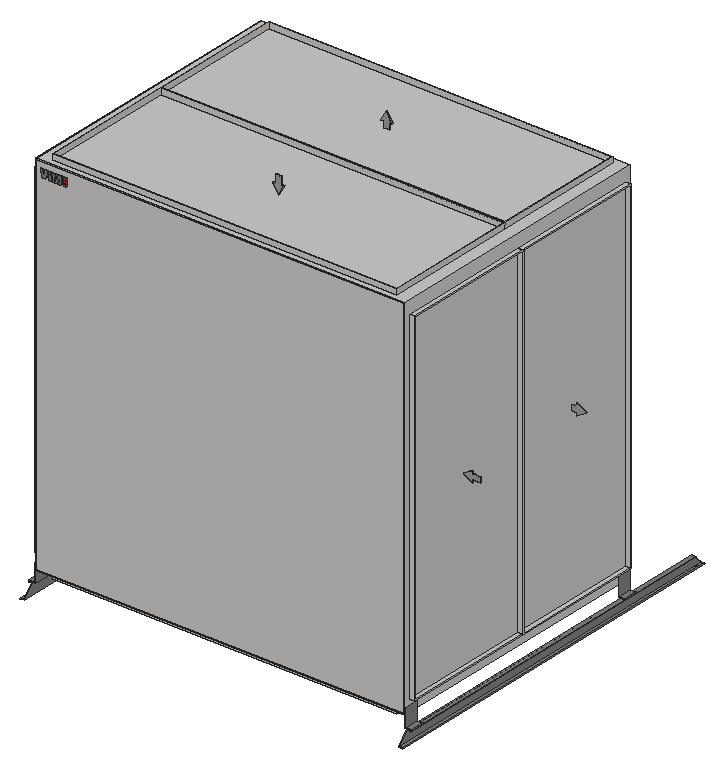
Revit family "BIM_KUBAIR F400 CC INTZ BDEZ Horizontal", category Equipement de génie climatique, Revit 2016
Family settings
  Type d'élément = Normal
  Cote de connecteur circulaire = Utiliser le diamètre
  Numéro OmniClass = 23.75.00.00
  Titre OmniClass = Climate Control (HVAC)
  Basée sur le plan de construction = Non
  Toujours verticalement = Oui
  Couper avec des vides une fois chargée = Non
  Partagée = Non
  Point de calcul de pièce = Oui
Parameters (values of type "KUBAIR F400 CC 800 6/12PT INTZ BDEZ 4,0/1,0kW Horizontal")
  Visibilité_marque = yes
  Tension_nominale = 400 V
  Reference = ""
  Puissance_electrique = 4000 W
  Protection_IP = "IP 55"
  Prof_INTZ = 120 mm
  Position_A_equerre = 234 mm
  Poids = "309 Kg"
  Nombre_de_phases = "3"
  Modèle = "KUBAIR F400 CC 800 6/12PT INTZ BDEZ 4,0/1,0kW Caisson horizontal"
  Materiau_support = Acier
  Materiau_caisson = Acier, galvanisé
  Lien_page_produit = "http://www.vim.fr/fr/caissons-d-extraction-f400-120/429-kubair-f400-nouvelle-gamme.html"
  Largeur_equerre = 218 mm
  KC = 1540 mm
  J = 127 mm
  IfcExportType = "IfcFlowMovingDevice"
  IfcExportAs = "IfcFan"
  Hauteur_support = 30 mm
  Hauteur_equerre = 199.5 mm
  Fabricant = "VIM"
  F = 1370 mm
  EC = 1379 mm
  Debit_mini = "660 m³/h"
  Debit_maxi = "23390 m³/h"
  Debit [instance] = 0.0 L/s
  D = 1248 mm
  Courant_nominal = 12.6 A
  Consignes – raccordements aérauliques = "Raccorder 1, 2 ou 3 ouies  au refoulement et 1, 2 ou 3 ouies à l’aspiration"
  Code_article = "644830 + 660107"
  Classe_de_protection_electrique = "F"
  C = 488 mm
  BH = 1420 mm
  A = 1338 mm
Reference planes
  plane 1 "Centre (avant/arrière)": y = 0
  plane 2: z = 0
  plane 3 "Centre (gauche/droite)": x = 0
  plane 4: z = 127
  plane 5: z = 82
  plane 6: z = 1420
  plane 7: z = 751
  plane 8: y = 327
  plane 9: z = 1375
  plane 10: x = -669
  plane 11: x = 669
  plane 12: x = -667
  plane 13: z = 84
  plane 14: x = 667
  plane 15: z = 1418
  plane 16: y = 325
  plane 17: z = 1373
  plane 18: z = 129
  plane 19: y = 63
  plane 20: y = 307
  plane 21: y = -181
  plane 22: y = -179
  plane 23: y = 305
  plane 24: x = 689
  plane 25: x = -689
  plane 26: z = 1440
  plane 27: z = 62
  plane 28: x = 624
  plane 29: x = -624
  plane 30: x = -622
  plane 31: x = 622
  plane 32: y = -731
  plane 33: y = 642
  plane 34: y = 809
  plane 35: z = 2
  plane 36: z = 40
  plane 37: z = 38
  plane 38: x = 685
  plane 39: x = -685
  plane 40: x = -692.5
  plane 41: x = -677.5
  plane 42: x = -679.5
  plane 43: x = 692.5
  plane 44: x = 679.5
  plane 45: x = 677.5
  plane 46: z = 42
  plane 47: x = -671
  plane 48: z = 107
  plane 49: x = 671
  plane 50: y = 606
  plane 51: y = 636.155
  plane 52: y = 277
  plane 53: y = -183
  plane 54: y = -671
  plane 55: y = -669
  plane 56: y = -426
  plane 57: y = -691
  plane 58: y = -689
  plane 59: y = -641
  plane 60: y = -773
Forms (mm)
  Extrusion 1, solid, material "Acier, galvanisé" <- "Materiau_caisson"
    sketch origin (0, 0, 0) x (1, 0, 0) y (0, 0, 1)
      loop
        line (-669, 1420) -> (-669, 82) -> (669, 82) -> (669, 1420) -> (-669, 1420)
      loop
        line (-667, 1418) -> (-667, 84) -> (667, 84) -> (667, 1418) -> (-667, 1418)
    from -327 to 691
  Extrusion 2, solid, material "Acier, galvanisé" <- "Materiau_caisson"
    sketch origin (0, 0, 0) x (1, 0, 0) y (0, 0, 1)
      loop
        line (-667, 1418) -> (-667, 84) -> (667, 84) -> (667, 1418) -> (-667, 1418)
    from -327 to -325
  Extrusion 3, solid, material "Acier, galvanisé" <- "Materiau_caisson"
    sketch origin (0, 0, 0) x (1, 0, 0) y (0, 0, 1)
      loop
        line (-667, 1418) -> (-667, 84) -> (667, 84) -> (667, 1418) -> (-667, 1418)
    from 689 to 691
  Extrusion 4, solid, material "Acier, galvanisé" <- "Materiau_caisson"
    sketch origin (0, 0, 0) x (0, 1, 0) y (0, 0, 1)
      loop
        line (-181, 1375) -> (-181, 127) -> (307, 127) -> (307, 1375) -> (-181, 1375)
      loop
        line (-179, 1373) -> (-179, 129) -> (305, 129) -> (305, 1373) -> (-179, 1373)
    from 669 to 689
  Extrusion 5, solid, material "Acier, galvanisé" <- "Materiau_caisson"
    sketch origin (0, 0, 0) x (0, 1, 0) y (0, 0, 1)
      loop
        line (-181, 1375) -> (-181, 127) -> (307, 127) -> (307, 1375) -> (-181, 1375)
      loop
        line (-179, 1373) -> (-179, 129) -> (305, 129) -> (305, 1373) -> (-179, 1373)
    from -689 to -669
  Extrusion 6, solid, material "Acier, galvanisé" <- "Materiau_caisson"
    sketch origin (0, 0, 0) x (1, 0, 0) y (0, 1, 0)
      loop
        line (-624, 307) -> (-624, -181) -> (624, -181) -> (624, 307) -> (-624, 307)
      loop
        line (-622, 305) -> (-622, -179) -> (622, -179) -> (622, 305) -> (-622, 305)
    from 1420 to 1440
  Extrusion 7, solid, material "Acier, galvanisé" <- "Materiau_caisson"
    sketch origin (0, 0, 0) x (1, 0, 0) y (0, 1, 0)
      loop
        line (-624, 307) -> (-624, -181) -> (624, -181) -> (624, 307) -> (-624, 307)
      loop
        line (-622, 305) -> (-622, -179) -> (622, -179) -> (622, 305) -> (-622, 305)
    from 62 to 82
  Extrusion 8, solid, material "Acier" <- "Materiau_support"
    sketch origin (0, 0, 0) x (1, 0, 0) y (0, 0, 1)
      loop
        line (-692.5, 40) -> (-692.5, 38) -> (-679.5, 38) -> (-679.5, 2) -> (-692.5, 2) -> (-692.5, 0) -> (-677.5, 0) -> (-677.5, 40) -> (-692.5, 40)
      loop
        line (692.5, 38) -> (692.5, 40) -> (677.5, 40) -> (677.5, 0) -> (692.5, 0) -> (692.5, 2) -> (679.5, 2) -> (679.5, 38) -> (692.5, 38)
    from -636.155 to 731
  Extrusion 9, void
    sketch origin (0, 0, 0) x (0, 1, 0) y (0, 0, 1)
      loop
        line (-731, 0) -> (-691, 40) -> (-731, 40) -> (-731, 0)
      loop
        line (636.155, 0) -> (636.155, 40) -> (596.155, 40) -> (636.155, 0)
    from -692.5 to 692.5
  Extrusion 10, void
    sketch origin (0, -150.442, 0) x (1, 0, 0) y (0, 1, 0)
      loop
        circle (-685, -622.558) r 2.5
      loop
        circle (-685, 756.442) r 2.5
    from 0 to 2
  Extrusion 11, void
    sketch origin (0, -500.852, 0) x (1, 0, 0) y (0, 1, 0)
      loop
        circle (685, -272.148) r 2.5
      loop
        circle (685, 1106.852) r 2.5
    from 0 to 2
  Extrusion 12, solid, material "Acier" <- "Materiau_support"
    sketch origin (0, 0, 0) x (1, 0, 0) y (0, 0, 1)
      loop
        line (692.5, 42) -> (671, 42) -> (671, 107) -> (669, 107) -> (669, 40) -> (692.5, 40) -> (692.5, 42)
      loop
        line (-671, 42) -> (-692.5, 42) -> (-692.5, 40) -> (-669, 40) -> (-669, 107) -> (-671, 107) -> (-671, 42)
    from 641 to 691
  Extrusion 13, solid, material "Acier" <- "Materiau_support"
    sketch origin (0, 0, 0) x (1, 0, 0) y (0, 0, 1)
      loop
        line (-669, 107) -> (-671, 107) -> (-671, 42) -> (-692.5, 42) -> (-692.5, 40) -> (-669, 40) -> (-669, 107)
      loop
        line (692.5, 42) -> (671, 42) -> (671, 107) -> (669, 107) -> (669, 40) -> (692.5, 40) -> (692.5, 42)
    from -327 to -277
  Extrusion 14, solid, material "Acier, galvanisé" <- "Materiau_caisson"
    sketch origin (0, 0, 0) x (0, 1, 0) y (0, 0, 1)
      loop
        line (-671, 1375) -> (-671, 127) -> (-181, 127) -> (-181, 1375) -> (-671, 1375)
      loop
        line (-669, 1373) -> (-669, 129) -> (-183, 129) -> (-183, 1373) -> (-669, 1373)
    from 669 to 689
  Extrusion 15, solid, material "Acier, galvanisé" <- "Materiau_caisson"
    sketch origin (0, 0, 0) x (0, 1, 0) y (0, 0, 1)
      loop
        line (-671, 1375) -> (-671, 127) -> (-181, 127) -> (-181, 1375) -> (-671, 1375)
      loop
        line (-669, 1373) -> (-669, 129) -> (-183, 129) -> (-183, 1373) -> (-669, 1373)
    from -689 to -669
  Extrusion 16, solid, material "Acier, galvanisé" <- "Materiau_caisson"
    sketch origin (0, 0, 0) x (1, 0, 0) y (0, 1, 0)
      loop
        line (-624, -181) -> (-624, -671) -> (624, -671) -> (624, -181) -> (-624, -181)
      loop
        line (-622, -183) -> (-622, -669) -> (622, -669) -> (622, -183) -> (-622, -183)
    from 1420 to 1440
  Extrusion 17, solid, material "Acier, galvanisé" <- "Materiau_caisson"
    sketch origin (0, 0, 0) x (1, 0, 0) y (0, 1, 0)
      loop
        line (-624, -181) -> (-624, -671) -> (624, -671) -> (624, -181) -> (-624, -181)
      loop
        line (-622, -183) -> (-622, -669) -> (622, -669) -> (622, -183) -> (-622, -183)
    from 62 to 82
Cuts and joins
  Extrusion 9, Extrusion 10, Extrusion 11 cuts Extrusion 8
Dimensions and locks
  "A": plane 6 to plane 5
  equal spacing: plane 6, plane 7, plane 5
  "D": plane 9 to plane 4
  equal spacing: plane 11, plane 3 "Centre (gauche/droite)", plane 10
  "A": plane 11 to plane 10
  locked: plane 16 to plane 8 at 2
  locked: plane 6 to plane 15 at 2
  locked: plane 13 to plane 5 at 2
  locked: plane 12 to plane 10 at 2
  locked: plane 11 to plane 14 at 2
  locked: plane 18 to plane 4 at 2
  locked: plane 9 to plane 17 at 2
  equal spacing: plane 21, plane 19, plane 20
  "C": plane 21 to plane 20
  locked: plane 21 to plane 22 at 2
  locked: plane 23 to plane 20 at 2
  locked: plane 5 to plane 27 at 20
  locked: plane 26 to plane 6 at 20
  locked: plane 25 to plane 10 at 20
  locked: plane 24 to plane 11 at 20
  equal spacing: plane 29, plane 3 "Centre (gauche/droite)", plane 28
  "D": plane 29 to plane 28
  locked: plane 29 to plane 30 at 2
  locked: plane 31 to plane 28 at 2
  "KC": plane 32 to plane 34
  locked: plane 35 to plane 2 at 2
  equal spacing: plane 9, plane 7, plane 4
  locked: plane 36 to plane 37 at 2
  equal spacing: plane 38, plane 3 "Centre (gauche/droite)", plane 39
  "F": plane 38 to plane 39
  locked: plane 45 to plane 44 at 2
  equal spacing: plane 45, plane 38, plane 43
  plane 45 to plane 43 = 15 mm
  locked: plane 42 to plane 41 at 2
  equal spacing: plane 40, plane 39, plane 41
  plane 40 to plane 41 = 15 mm
  "J": plane 4 to plane 2
  locked: plane 48 to plane 5 at 25
  locked: plane 49 to plane 11 at 2
  locked: plane 46 to plane 36 at 2
  locked: plane 47 to plane 10 at 2
  "EC": plane 60 to plane 50
  locked: plane 50 to plane 51 at 30.155
  locked: plane 52 to plane 8 at 50
  locked: plane 36 to plane 2 at 40
  locked: plane 20 to plane 8 at 20
  locked: plane 53 to plane 21 at 2
  locked: plane 54 to plane 55 at 2
  "C": plane 54 to plane 53
  equal spacing: plane 54, plane 56, plane 21
  locked: plane 57 to plane 54 at 20
  locked: plane 57 to plane 58 at 2
  locked: plane 57 to plane 59 at 50
  locked: nested 2 to plane 10 at 65
  locked: plane 6 to nested 2 at 40
  locked: plane 32 to plane 57 at 40
  locked: plane 6 to nested 11 at 80
  equal spacing: plane 11, nested 9, plane 10
  equal spacing: plane 11, nested 4, plane 10
  locked: Extrusion 9 sketch curve to Extrusion 9 sketch curve (angle 45.00°)
  locked: Extrusion 9 sketch curve to plane 32 (angle 45.00°)
  aligned and locked: plane 2 to level
  aligned and locked: Extrusion 1 sketch curve to plane 6
  aligned and locked: plane 10 to Extrusion 1 sketch curve
  aligned and locked: Extrusion 1 sketch curve to plane 5
  aligned and locked: Extrusion 1 sketch curve to plane 11
  aligned and locked: Extrusion 1 sketch curve to plane 15
  aligned and locked: plane 12 to Extrusion 1 sketch curve
  aligned and locked: Extrusion 1 sketch curve to plane 13
  aligned and locked: Extrusion 1 sketch curve to plane 14
  aligned and locked: plane 8 to Extrusion 1
  aligned and locked: Extrusion 2 sketch curve to Extrusion 1  (x3)
  aligned and locked: Extrusion 2 to plane 16
  aligned and locked: plane 8 to Extrusion 2
  aligned and locked: Extrusion 3 sketch curve to Extrusion 1  (x4)
  aligned and locked: Extrusion 4 sketch curve to plane 9
  aligned and locked: Extrusion 4 sketch curve to plane 21
  aligned and locked: plane 4 to Extrusion 4 sketch curve
  aligned and locked: Extrusion 4 sketch curve to plane 20
  aligned and locked: Extrusion 4 sketch curve to plane 17
  aligned and locked: plane 22 to Extrusion 4 sketch curve
  aligned and locked: Extrusion 4 sketch curve to plane 18
  aligned and locked: Extrusion 4 sketch curve to plane 23
  aligned and locked: Extrusion 4 to plane 11
  aligned and locked: plane 24 to Extrusion 4
  aligned and locked: Extrusion 5 sketch curve to plane 9
  aligned and locked: Extrusion 5 sketch curve to plane 21
  aligned and locked: plane 4 to Extrusion 5 sketch curve
  aligned and locked: Extrusion 5 sketch curve to plane 20
  aligned and locked: Extrusion 5 sketch curve to plane 17
  aligned and locked: plane 22 to Extrusion 5 sketch curve
  aligned and locked: Extrusion 5 sketch curve to plane 18
  aligned and locked: Extrusion 5 sketch curve to plane 23
  aligned and locked: plane 10 to Extrusion 5
  aligned and locked: Extrusion 5 to plane 25
  aligned and locked: Extrusion 6 sketch curve to plane 20
  aligned and locked: Extrusion 6 sketch curve to plane 29
  aligned and locked: Extrusion 6 sketch curve to plane 21
  aligned and locked: Extrusion 6 sketch curve to plane 28
  aligned and locked: Extrusion 6 sketch curve to plane 23
  aligned and locked: Extrusion 6 sketch curve to plane 30
  aligned and locked: Extrusion 6 sketch curve to plane 22
  aligned and locked: plane 31 to Extrusion 6 sketch curve
  aligned and locked: Extrusion 6 to plane 6
  aligned and locked: plane 26 to Extrusion 6
  aligned and locked: Extrusion 7 sketch curve to plane 20
  aligned and locked: Extrusion 7 sketch curve to plane 29
  aligned and locked: Extrusion 7 sketch curve to plane 21
  aligned and locked: Extrusion 7 sketch curve to plane 28
  aligned and locked: Extrusion 7 sketch curve to plane 23
  aligned and locked: Extrusion 7 sketch curve to plane 30
  aligned and locked: Extrusion 7 sketch curve to plane 22
  aligned and locked: plane 31 to Extrusion 7 sketch curve
  aligned and locked: Extrusion 7 to plane 27
  aligned and locked: Extrusion 7 to plane 5
  aligned and locked: plane 32 to Extrusion 8
  aligned and locked: Extrusion 8 sketch curve to plane 36
  aligned and locked: plane 37 to Extrusion 8 sketch curve
  aligned and locked: plane 35 to Extrusion 8 sketch curve
  aligned and locked: Extrusion 8 sketch curve to plane 2  (x2)
  aligned and locked: Extrusion 8 sketch curve to plane 41
  aligned and locked: Extrusion 8 sketch curve to plane 42
  aligned and locked: Extrusion 8 sketch curve to plane 40
  aligned and locked: plane 40 to Extrusion 8 sketch curve
  aligned and locked: Extrusion 8 sketch curve to plane 45
  aligned and locked: Extrusion 8 sketch curve to plane 44
  aligned and locked: Extrusion 8 sketch curve to plane 43
  aligned and locked: plane 43 to Extrusion 8 sketch curve
  aligned and locked: plane 36 to Extrusion 8 sketch curve
  aligned and locked: Extrusion 8 sketch curve to plane 37
  aligned and locked: Extrusion 8 sketch curve to plane 35
  aligned and locked: plane 32 to Extrusion 9 sketch curve
  aligned and locked: Extrusion 9 to plane 40
  aligned and locked: Extrusion 9 to plane 43
  aligned and locked: Extrusion 9 sketch curve to cut or joined group of Extrusion 8, Extrusion 9, Extrusion 10, Extrusion 11  (x2)
  aligned and locked: Extrusion 8 to plane 51
  aligned and locked: plane 3 "Centre (gauche/droite)" to nested 1
  aligned and locked: plane 7 to nested 1
  aligned and locked: plane 2 to Extrusion 10
  aligned and locked: Extrusion 10 to plane 35
  aligned and locked: Extrusion 10 sketch curve to plane 39
  aligned and locked: Extrusion 11 sketch curve to plane 38
  aligned and locked: plane 38 to Extrusion 11 sketch curve
  aligned and locked: Extrusion 11 to plane 35
  aligned and locked: plane 2 to Extrusion 11
  aligned and locked: Extrusion 12 sketch curve to plane 46
  aligned and locked: Extrusion 12 sketch curve to plane 49
  aligned and locked: Extrusion 12 sketch curve to plane 11
  aligned and locked: plane 36 to Extrusion 12 sketch curve
  aligned and locked: plane 43 to Extrusion 12 sketch curve
  aligned and locked: plane 48 to Extrusion 12 sketch curve
  aligned and locked: Extrusion 12 sketch curve to plane 47
  aligned and locked: Extrusion 12 sketch curve to plane 48
  aligned and locked: Extrusion 12 sketch curve to plane 10
  aligned and locked: Extrusion 12 sketch curve to plane 36
  aligned and locked: plane 46 to Extrusion 12 sketch curve
  aligned and locked: plane 40 to Extrusion 12 sketch curve
  aligned and locked: Extrusion 13 sketch curve to plane 10
  aligned and locked: Extrusion 13 sketch curve to plane 47
  aligned and locked: Extrusion 13 sketch curve to plane 36
  aligned and locked: plane 46 to Extrusion 13 sketch curve
  aligned and locked: plane 40 to Extrusion 13 sketch curve
  aligned and locked: Extrusion 13 sketch curve to plane 48
  aligned and locked: Extrusion 13 sketch curve to plane 46
  aligned and locked: plane 36 to Extrusion 13 sketch curve
  aligned and locked: Extrusion 13 sketch curve to plane 11
  aligned and locked: Extrusion 13 sketch curve to plane 49
  aligned and locked: plane 48 to Extrusion 13 sketch curve
  aligned and locked: plane 43 to Extrusion 13 sketch curve
  aligned and locked: plane 8 to Extrusion 13
  aligned and locked: Extrusion 13 to plane 52
  aligned and locked: Extrusion 14 sketch curve to plane 9
  aligned and locked: plane 54 to Extrusion 14 sketch curve
  aligned and locked: Extrusion 14 sketch curve to Extrusion 4  (x2)
  aligned and locked: Extrusion 14 sketch curve to plane 17
  aligned and locked: plane 55 to Extrusion 14 sketch curve
  aligned and locked: plane 18 to Extrusion 14 sketch curve
  aligned and locked: Extrusion 14 sketch curve to plane 53
  aligned and locked: plane 11 to Extrusion 14
  aligned and locked: Extrusion 14 to plane 24
  aligned and locked: Extrusion 1 to plane 57
  aligned and locked: Extrusion 3 to plane 57
  aligned and locked: plane 58 to Extrusion 3
  aligned and locked: Extrusion 15 sketch curve to plane 9
  aligned and locked: plane 54 to Extrusion 15 sketch curve
  aligned and locked: Extrusion 15 sketch curve to Extrusion 4  (x2)
  aligned and locked: Extrusion 15 sketch curve to plane 17
  aligned and locked: plane 55 to Extrusion 15 sketch curve
  aligned and locked: plane 18 to Extrusion 15 sketch curve
  aligned and locked: Extrusion 15 sketch curve to plane 53
  aligned and locked: plane 25 to Extrusion 15
  aligned and locked: Extrusion 15 to plane 10
  aligned and locked: Extrusion 16 sketch curve to Extrusion 6  (x2)
  aligned and locked: Extrusion 16 sketch curve to plane 54
  aligned and locked: plane 28 to Extrusion 16 sketch curve
  aligned and locked: Extrusion 16 sketch curve to plane 53
  aligned and locked: Extrusion 16 sketch curve to plane 30
  aligned and locked: Extrusion 16 sketch curve to plane 55
  aligned and locked: plane 31 to Extrusion 16 sketch curve
  aligned and locked: Extrusion 16 to plane 6
  aligned and locked: Extrusion 16 to plane 26
  aligned and locked: Extrusion 17 sketch curve to Extrusion 6  (x2)
  aligned and locked: Extrusion 17 sketch curve to plane 54
  aligned and locked: plane 28 to Extrusion 17 sketch curve
  aligned and locked: Extrusion 17 sketch curve to plane 53
  aligned and locked: Extrusion 17 sketch curve to plane 30
  aligned and locked: Extrusion 17 sketch curve to plane 55
  aligned and locked: plane 31 to Extrusion 17 sketch curve
  aligned and locked: Extrusion 17 to plane 5
  aligned and locked: Extrusion 17 to plane 27
  aligned and locked: Extrusion 12 to plane 59
  aligned and locked: Extrusion 12 to plane 57
  aligned and locked: Extrusion 11 sketch curve to plane 50
  aligned and locked: Extrusion 11 sketch curve to plane 60
  aligned and locked: plane 60 to Extrusion 10 sketch curve
  aligned and locked: plane 50 to Extrusion 10 sketch curve
  aligned and locked: nested 3 to plane 7
  aligned and locked: nested 10 to plane 7
  aligned and locked: nested 5 to plane 7
  aligned and locked: nested 8 to plane 7
  aligned and locked: plane 3 "Centre (gauche/droite)" to nested 6
  aligned and locked: plane 3 "Centre (gauche/droite)" to nested 7
  aligned and locked: nested 4 to plane 19
  aligned and locked: plane 56 to nested 9
  aligned and locked: nested 6 to plane 19
  aligned and locked: plane 56 to nested 7
  aligned and locked: plane 19 to nested 3
  aligned and locked: plane 56 to nested 10
  aligned and locked: plane 56 to nested 8
  aligned and locked: plane 19 to nested 5
Automatic sketch dimensions
  plane 14 to Extrusion 2 sketch curve = 0 mm
  plane 21 to Extrusion 7 sketch curve = 0 mm
  Extrusion 9 sketch curve to level = 0 mm  (x2)
  Extrusion 9 sketch curve to plane 36 = 0 mm
  Extrusion 10 sketch curve to plane 39 = 0 mm
  radius of Extrusion 10 sketch curve = 2.5 mm  (x2)
  radius of Extrusion 11 sketch curve = 2.5 mm  (x2)
Nested families
  nested 1: "INTZ+BDEZ" at (0, 327.328, 751) x (1, 0, 0) z (0, 1, 0), type "INTZ+BDEZ"
  nested 2: "Marque_F" at (-604, -691, 1380) x (1, 0, 0) z (0, -1, 0), visible <- "Visibilité_marque", type "Marque_F"
  nested 3: "Fleches_refoulement_tranche" at (669, 62.671, 751) x (0, 0, -1) z (1, 0, 0), type "Refoulement"
  nested 4: "Fleches_refoulement_tranche" at (0, 63.358, 1420), type "Refoulement"
  nested 5: "Fleches_refoulement_tranche" at (-669, 62.671, 751) x (0, 0, 1) z (-1, 0, 0), type "Refoulement"
  nested 6: "Fleches_refoulement_tranche" at (0, 63.358, 82) x (-1, 0, 0) z (0, 0, -1), type "Refoulement"
  nested 7: "Fleches_aspiration_tranche" at (0, -425.786, 82) x (-1, 0, 0) z (0, 0, -1), type "Aspiration"
  nested 8: "Fleches_aspiration_tranche" at (-669, -426.163, 751) x (0, 0, 1) z (-1, 0, 0), type "Aspiration"
  nested 9: "Fleches_aspiration_tranche" at (0, -425.786, 1420), type "Aspiration"
  nested 10: "Fleches_aspiration_tranche" at (669, -426.163, 751) x (0, 0, -1) z (1, 0, 0), type "Aspiration"
  nested 11: "Consigne" at (-13.5, -691, 1340) x (1, 0, 0) z (0, -1, 0), type "Consigne"
Connectors
  hvac at (0, 63, 1440), driven by "C", driven by "D", driven by "Debit"
    settings: on Extrusion 6, index 2, duct flow 0.0 L/s, flow factor 0, pres drop 0.0 Pa, loss coef 0, conn angle 0.00°, conn width 1248 mm, conn height 488 mm, conn diameter 609.6 mm, duct sys type 1, conn prof type 1, flow config 0, flow direction 2, loss method 0, conn ref index -1, conn util no, is conn primary yes, conn desc ""
  hvac at (689, 63, 751), driven by "D", driven by "C", driven by "Debit"
    settings: on Extrusion 4, index 3, duct flow 0.0 L/s, flow factor 0, pres drop 0.0 Pa, loss coef 0, conn angle 0.00°, conn width 488 mm, conn height 1248 mm, conn diameter 609.6 mm, duct sys type 1, conn prof type 1, flow config 0, flow direction 2, loss method 0, conn ref index -1, conn util no, is conn primary no, conn desc ""
  hvac at (-689, 63, 751), driven by "D", driven by "C", driven by "Debit"
    settings: on Extrusion 5, index 4, duct flow 0.0 L/s, flow factor 0, pres drop 0.0 Pa, loss coef 0, conn angle 0.00°, conn width 488 mm, conn height 1248 mm, conn diameter 609.6 mm, duct sys type 1, conn prof type 1, flow config 0, flow direction 2, loss method 0, conn ref index -1, conn util no, is conn primary no, conn desc ""
  hvac at (0, 63, 62), driven by "C", driven by "D", driven by "Debit"
    settings: on Extrusion 7, index 5, duct flow 0.0 L/s, flow factor 0, pres drop 0.0 Pa, loss coef 0, conn angle 0.00°, conn width 1248 mm, conn height 488 mm, conn diameter 609.6 mm, duct sys type 1, conn prof type 1, flow config 0, flow direction 2, loss method 0, conn ref index -1, conn util no, is conn primary no, conn desc ""
  hvac at (-689, -426, 751), driven by "Debit", driven by "D", driven by "C"
    settings: on Extrusion 15, index 6, duct flow 0.0 L/s, flow factor 0, pres drop 0.0 Pa, loss coef 0, conn angle 0.00°, conn width 488 mm, conn height 1248 mm, conn diameter 609.6 mm, duct sys type 2, conn prof type 1, flow config 0, flow direction 1, loss method 0, conn ref index -1, conn util no, is conn primary no, conn desc ""
  hvac at (0, -426, 1440), driven by "Debit", driven by "C", driven by "D"
    settings: on Extrusion 16, index 7, duct flow 0.0 L/s, flow factor 0, pres drop 0.0 Pa, loss coef 0, conn angle 0.00°, conn width 1248 mm, conn height 488 mm, conn diameter 609.6 mm, duct sys type 2, conn prof type 1, flow config 0, flow direction 1, loss method 0, conn ref index -1, conn util no, is conn primary no, conn desc ""
  hvac at (689, -426, 751), driven by "Debit", driven by "D", driven by "C"
    settings: on Extrusion 14, index 8, duct flow 0.0 L/s, flow factor 0, pres drop 0.0 Pa, loss coef 0, conn angle 0.00°, conn width 488 mm, conn height 1248 mm, conn diameter 609.6 mm, duct sys type 2, conn prof type 1, flow config 0, flow direction 1, loss method 0, conn ref index -1, conn util no, is conn primary no, conn desc ""
  hvac at (0, -426, 62), driven by "Debit", driven by "C", driven by "D"
    settings: on Extrusion 17, index 9, duct flow 0.0 L/s, flow factor 0, pres drop 0.0 Pa, loss coef 0, conn angle 0.00°, conn width 1248 mm, conn height 488 mm, conn diameter 609.6 mm, duct sys type 2, conn prof type 1, flow config 0, flow direction 1, loss method 0, conn ref index -1, conn util no, is conn primary no, conn desc ""
  electrical at (59, 481.881, 1105), driven by "Tension_nominale", driven by "Puissance_electrique"
    settings: on nested 1, index 10, voltage 400 V, apparent load 4000 VA, apparent load phase1 0 VA, apparent load phase2 0 VA, apparent load phase3 0 VA, power factor 1, load classification "Autre", number of poles 1, system type 30, power factor state 1, is connector primary yes, connector utility no, sub classification motor no, connector description ""
Definition of nested family "INTZ+BDEZ"
  Parameters (values of type "INTZ+BDEZ")
    Section_platine = Position_A_equerre * 2  # 468 mm
    Prof_INTZ = 120 mm
    Position_A_equerre = 234 mm
    Materiau_platine = none
    Largeur_equerre = 218 mm
    Hauteur_moteur = 250 mm
    Hauteur_equerre = 199.5 mm
    Default Elevation = 1219.2 mm
  Reference planes
    plane 1 "Centre (avant/arrière)": y = 0
    plane 2: z = 0
    plane 3 "Centre (gauche/droite)": x = 0
    plane 4: x = 150
    plane 5: x = -150
    plane 6: y = 234
    plane 7: y = 232
    plane 8: x = 148
    plane 9: x = -148
    plane 10: z = 2
    plane 11: z = 12
    plane 12: x = -109
    plane 13: x = 109
    plane 14: z = 201.5
    plane 15: x = -55
    plane 16: y = -234
    plane 17: y = -236
    plane 18: x = -95
  Forms (mm)
    Extrusion 1, solid
      sketch origin (0, 0, 0) x (1, 0, 0) y (0, 1, 0)
        loop
          line (-510, 365) -> (-510, -285.5) -> (293.257, -285.5) -> (293.257, 365) -> (-510, 365)
      from 0 to -30
    Extrusion 2, solid, material <- "Materiau_platine"
      sketch origin (0, 0, 0) x (1, 0, 0) y (0, 1, 0)
        loop
          line (-150, 234) -> (-150, -234) -> (150, -234) -> (150, 234) -> (-150, 234)
      from 0 to 2
    Extrusion 3, solid, material <- "Materiau_platine"
      sketch origin (0, 0, 0) x (1, 0, 0) y (0, 1, 0)
        loop
          line (-150, 234) -> (-150, 232) -> (150, 232) -> (150, 234) -> (-150, 234)
        loop
          line (-148, -236) -> (148, -236) -> (148, -234) -> (-148, -234) -> (-148, -236)
      from 2 to 12
    Extrusion 4, solid, material <- "Materiau_platine"
      sketch origin (0, 0, 0) x (1, 0, 0) y (0, 1, 0)
        loop
          line (-150, 232) -> (-150, -234) -> (-148, -234) -> (-148, 232) -> (-150, 232)
        loop
          line (148, 232) -> (148, -234) -> (150, -234) -> (150, 232) -> (148, 232)
      from 0 to 12
    Extrusion 5, solid, material <- "Materiau_platine"
      sketch origin (0, -13.75, 0) x (1, 0, 0) y (0, 1, 0)
        loop
          line (-109, -220.25) -> (-109, -222.25) -> (109, -222.25) -> (109, -220.25) -> (-109, -220.25)
      from 2 to 201.5
  Dimensions and locks
    equal spacing: plane 5, plane 3 "Centre (gauche/droite)", plane 4
    locked: plane 5 to plane 9 at 2
    locked: plane 8 to plane 4 at 2
    locked: plane 6 to plane 7 at 2
    locked: plane 10 to plane 2 at 2
    locked: plane 11 to plane 10 at 10
    equal spacing: plane 12, plane 3 "Centre (gauche/droite)", plane 13
    "Largeur_equerre": plane 12 to plane 13
    "Hauteur_equerre": plane 14 to plane 10
    locked: plane 17 to plane 16 at 2
    "Position_A_equerre": plane 16 to plane 1 "Centre (avant/arrière)"
    equal spacing: plane 16, plane 1 "Centre (avant/arrière)", plane 6
    aligned and locked: plane 2 to Extrusion 1
    aligned and locked: level to Extrusion 1
    aligned and locked: Extrusion 2 sketch curve to plane 6
    aligned and locked: Extrusion 2 sketch curve to plane 5
    aligned and locked: Extrusion 2 sketch curve to plane 4
    aligned and locked: plane 10 to Extrusion 2
    aligned and locked: Extrusion 3 sketch curve to plane 6
    aligned and locked: Extrusion 3 sketch curve to plane 7
    aligned and locked: Extrusion 3 sketch curve to plane 9
    aligned and locked: plane 8 to Extrusion 3 sketch curve
    aligned and locked: Extrusion 4 sketch curve to plane 5
    aligned and locked: Extrusion 4 sketch curve to plane 7
    aligned and locked: Extrusion 4 sketch curve to Extrusion 2
    aligned and locked: Extrusion 4 to plane 11
    aligned and locked: Extrusion 5 sketch curve to plane 12
    aligned and locked: plane 13 to Extrusion 5 sketch curve
    aligned and locked: Extrusion 5 to plane 10
    aligned and locked: plane 14 to Extrusion 5
    aligned and locked: Extrusion 5 to plane 16
    aligned and locked: Extrusion 5 to nested 1
    aligned and locked: Extrusion 2 sketch curve to plane 16
    aligned and locked: Extrusion 3 sketch curve to plane 16
    aligned and locked: plane 17 to Extrusion 5
    aligned and locked: plane 5 to Extrusion 3 sketch curve
    aligned and locked: Extrusion 3 sketch curve to plane 4
    aligned and locked: Extrusion 4 sketch curve to plane 16  (x2)
    aligned and locked: plane 17 to nested 2
    aligned and locked: nested 2 to plane 15
    aligned and locked: plane 17 to Extrusion 3
    aligned and locked: plane 3 "Centre (gauche/droite)" to nested 3
    aligned and locked: plane 1 "Centre (avant/arrière)" to nested 3
    aligned and locked: nested 3 to plane 11
  Automatic sketch dimensions
    Extrusion 1 sketch curve to Extrusion 1 sketch curve = 803.257 mm
    Extrusion 1 sketch curve to Extrusion 1 sketch curve = 650.5 mm
    Extrusion 4 sketch curve to plane 9 = 0 mm
    plane 7 to Extrusion 4 sketch curve = 0 mm
    Extrusion 4 sketch curve to plane 8 = 0 mm
    plane 17 to Extrusion 3 sketch curve = 0 mm
    plane 17 to Extrusion 5 sketch curve = 0 mm
    plane 16 to Extrusion 5 sketch curve = 0 mm
  Nested families
    nested 1: "Interrupteur" at (59, -236, 154.553) x (-1, 0, 0) z (0, -1, 0), type "Interrupteur"
      with Profondeur 120 mm
    nested 2: "Pressostat" at (-55, -236, 155), type "Pressostat"
    nested 3: "Moteur_vertical_simple" at (0, 0, -268), type "Moteur_vertical_simple"
  Definition of nested family "Interrupteur"
    Parameters (values of type "Interrupteur")
      Section = 80 mm
      Rouge = none
      Profondeur = 100 mm
      Jaune = none
      Gris = none
      Default Elevation = 1219.2 mm
    Reference planes
      plane 1 "Centre (avant/arrière)": y = 0
      plane 2: z = 0
      plane 3 "Centre (gauche/droite)": x = 0
      plane 4: x = 40
      plane 5: x = -40
      plane 6: y = 40
      plane 7: y = -40
      plane 8: z = 100
      plane 9: z = 98
      plane 10: x = -32
      plane 11: y = -32
      plane 12: x = 32
      plane 13: y = 32
      plane 14: z = 10
      plane 15: y = 3
      plane 16: y = -3
      plane 17: x = 20
      plane 18: x = -20
      plane 19: z = 101
    Forms (mm)
      Extrusion 1, solid
        sketch origin (0, 0, 0) x (1, 0, 0) y (0, 1, 0)
          loop
            line (-154.5, 314.5) -> (-154.5, -85.662) -> (162.19, -85.662) -> (162.19, 314.5) -> (-154.5, 314.5)
        from 0 to -304.8
      Extrusion 2, solid, material <- "Jaune"
        sketch origin (0, 0, 0) x (1, 0, 0) y (0, 1, 0)
          loop
            arc (-32, 40) -> (-37.657, 37.657) -> (-40, 32) r 8
            line (-40, 32) -> (-40, -32)
            arc (-40, -32) -> (-37.657, -37.657) -> (-32, -40) r 8
            line (-32, -40) -> (32, -40)
            arc (32, -40) -> (37.657, -37.657) -> (40, -32) r 8
            line (40, -32) -> (40, 32)
            arc (40, 32) -> (37.657, 37.657) -> (32, 40) r 8
            line (32, 40) -> (-32, 40)
        from 10 to 98
      Extrusion 3, solid, material <- "Rouge"
        sketch origin (0, 0, 0) x (1, 0, 0) y (0, 1, 0)
          loop
            circle (0, 0) r 25
        from 98 to 100
      Extrusion 4, solid, material <- "Gris"
        sketch origin (0, 0, 0) x (1, 0, 0) y (0, 1, 0)
          loop
            arc (-16.846, 3) -> (-19.846, 0) -> (-16.846, -3) r 3
            line (-16.846, -3) -> (16.846, -3)
            arc (16.846, -3) -> (19.846, 0) -> (16.846, 3) r 3
            line (16.846, 3) -> (-16.846, 3)
        from 101 to 95
      Extrusion 5, solid, material <- "Gris"
        sketch origin (0, 0, 0) x (1, 0, 0) y (0, 1, 0)
          loop
            arc (-32, 40) -> (-37.657, 37.657) -> (-40, 32) r 8
            line (-40, 32) -> (-40, -32)
            arc (-40, -32) -> (-37.657, -37.657) -> (-32, -40) r 8
            line (-32, -40) -> (32, -40)
            arc (32, -40) -> (37.657, -37.657) -> (40, -32) r 8
            line (40, -32) -> (40, 32)
            arc (40, 32) -> (37.657, 37.657) -> (32, 40) r 8
            line (32, 40) -> (-32, 40)
        from 0 to 10
    Dimensions and locks
      equal spacing: plane 5, plane 3 "Centre (gauche/droite)", plane 4
      "Section": plane 5 to plane 4
      equal spacing: plane 6, plane 1 "Centre (avant/arrière)", plane 7
      "Section": plane 6 to plane 7
      "Profondeur": plane 8 to plane 2
      locked: plane 5 to Extrusion 2 sketch curve at 8  (x2)
      locked: plane 6 to Extrusion 2 sketch curve at 8  (x2)
      locked: Extrusion 2 sketch curve to plane 4 at 8  (x2)
      locked: plane 7 to Extrusion 2 sketch curve at 8  (x2)
      locked: plane 5 to plane 10 at 8
      locked: plane 12 to plane 4 at 8
      locked: plane 6 to plane 13 at 8
      locked: plane 11 to plane 7 at 8
      locked: plane 14 to plane 2 at 10
      plane 8 to plane 9 = 2 mm
      plane 9 to plane 14 = 88 mm
      equal spacing: plane 18, plane 3 "Centre (gauche/droite)", plane 17
      locked: plane 18 to plane 17 at 40
      equal spacing: plane 15, plane 1 "Centre (avant/arrière)", plane 16
      locked: plane 15 to plane 16 at 6
      locked: plane 19 to plane 8 at 1
      diameter of Extrusion 3 sketch curve = 50 mm
      aligned and locked: plane 2 to Extrusion 1
      aligned and locked: level to Extrusion 1
      aligned and locked: Extrusion 2 sketch curve to plane 6
      aligned and locked: Extrusion 2 sketch curve to plane 5
      aligned and locked: Extrusion 2 sketch curve to plane 7
      aligned and locked: Extrusion 2 sketch curve to plane 4
      aligned and locked: plane 9 to Extrusion 2
      aligned and locked: plane 3 "Centre (gauche/droite)" to Extrusion 3 sketch curve
      aligned and locked: plane 1 "Centre (avant/arrière)" to Extrusion 3 sketch curve
      aligned and locked: Extrusion 3 to plane 9
      aligned and locked: plane 8 to Extrusion 3
      aligned and locked: Extrusion 4 sketch curve to plane 15
      aligned and locked: Extrusion 4 sketch curve to plane 16
      aligned and locked: Extrusion 5 sketch curve to plane 6
      aligned and locked: Extrusion 5 sketch curve to plane 5
      aligned and locked: Extrusion 5 sketch curve to plane 7
      aligned and locked: Extrusion 5 sketch curve to plane 4
      aligned and locked: plane 14 to Extrusion 5
      aligned and locked: Extrusion 2 to plane 14
      aligned and locked: plane 19 to Extrusion 4
    Automatic sketch dimensions
      Extrusion 1 sketch curve to Extrusion 1 sketch curve = 316.69 mm
      Extrusion 1 sketch curve to Extrusion 1 sketch curve = 400.162 mm
      Extrusion 4 sketch curve to plane 17 = 3.154 mm
      Extrusion 4 sketch curve to plane 18 = 3.154 mm
      Extrusion 5 sketch curve to plane 11 = 0 mm  (x2)
      Extrusion 5 sketch curve to plane 10 = 0 mm
      plane 13 to Extrusion 5 sketch curve = 0 mm
  Definition of nested family "Pressostat"
    Reference planes
      plane 1 "Centre (avant/arrière)": y = 0
      plane 2: z = 0
      plane 3 "Centre (gauche/droite)": x = 0
    Forms (mm)
      Revolve 1, solid
        sketch origin (0, 0, 0) x (1, 0, 0) y (0, 1, 0)
          loop
            line (0, 0) -> (-37.108, 0)
            arc (-37.108, 0) -> (-40.759, -4.967) -> (-37.108, -9.935) r 5.205
            arc (-37.108, -9.935) -> (-23.665, -12.471) -> (-10, -11.83) r 58.775
            line (-10, -11.83) -> (0, -11.83) -> (0, 0)
          axis (0, 0) -> (0, -11.83)
        angle from 0 to 360
    Dimensions and locks
      aligned and locked: level to plane 2
      aligned and locked: Revolve 1 sketch curve to plane 3 "Centre (gauche/droite)"
  Definition of nested family "Moteur_vertical_simple"
    Parameters (values of type "Moteur_vertical_simple")
      Ø_moteur = 200 mm
      Materiau_cercle = none
      Mat_fond_moteur = none
      Mat_corps_moteur = none
      Marque = yes
      Hauteur_fond_moteur = 40 mm
      Hauteur_corps_moteur = 250 mm
      Angle_fond_moteur = 70.00°
    Reference planes
      plane 1 "Centre (avant/arrière)": y = 0
      plane 2: z = 0
      plane 3 "Centre (gauche/droite)": x = 0
      plane 4: z = 280
      plane 5: z = 530
      plane 6: z = 490
      plane 7: x = -100
      plane 8: x = 100
      plane 9: y = 100
      plane 10: y = -100
      plane 11: x = 200
      plane 12: x = -200
      plane 13: y = 200
      plane 14: y = -200
      plane 15: z = 285
      plane 16: through (0, 0, 1200) normal (-0.7071, 0.7071, 0)
      plane 17: through (0, 0, 1200) normal (-0.7071, -0.7071, 0)
      plane 18: through (-464.133, -181.29, 1200) normal (-0.7071, 0.7071, 0)
      plane 19: through (-181.29, -464.133, 1200) normal (-0.7071, 0.7071, 0)
      plane 20: through (428.84, -145.997, 1200) normal (-0.7071, -0.7071, 0)
      plane 21: through (145.997, -428.84, 1200) normal (-0.7071, -0.7071, 0)
      plane 22: z = 80
    Forms (mm)
      Extrusion 1, solid, material <- "Mat_corps_moteur"
        sketch origin (0, 0, 0) x (1, 0, 0) y (0, 1, 0)
          loop
            circle (0, 0) r 100
        from 280 to 490
      Revolve 2, solid, material <- "Mat_fond_moteur"
        sketch origin (0, 0, 0) x (1, 0, 0) y (0, 0, 1)
          loop
            line (-100, 490) -> (0, 490) -> (0, 530) -> (-85.441, 530) -> (-100, 490)
          axis (0, 530) -> (0, 490)
        angle from 0 to 360
    Dimensions and locks
      plane 4 to plane 22 = 200 mm
      "Hauteur_corps_moteur": plane 5 to plane 4
      "Hauteur_fond_moteur": plane 5 to plane 6
      equal spacing: plane 7, plane 3 "Centre (gauche/droite)", plane 8
      "Ø_moteur": plane 7 to plane 8
      equal spacing: plane 9, plane 1 "Centre (avant/arrière)", plane 10
      "Ø_moteur": plane 9 to plane 10
      equal spacing: plane 12, plane 3 "Centre (gauche/droite)", plane 11
      plane 12 to plane 11 = 400 mm
      equal spacing: plane 13, plane 1 "Centre (avant/arrière)", plane 14
      plane 14 to plane 13 = 400 mm
      locked: plane 15 to plane 4 at 5
      equal spacing: plane 21, plane 17, plane 20
      plane 21 to plane 20 = 400 mm
      equal spacing: plane 18, plane 16, plane 19
      plane 18 to plane 19 = 400 mm
      plane 22 to plane 2 = 80 mm
      "Ø_moteur": diameter of Extrusion 1 sketch curve
      "Angle_fond_moteur": angle Extrusion 1 to Revolve 2 sketch curve
      locked: plane 16 to plane 3 "Centre (gauche/droite)" (angle 45.00°)  (x2)
      locked: plane 17 to plane 1 "Centre (avant/arrière)" (angle 45.00°)  (x2)
      aligned and locked: level to plane 2
      aligned and locked: Extrusion 1 to plane 4
      aligned and locked: plane 6 to Extrusion 1
      aligned and locked: Revolve 2 sketch curve to plane 5
      aligned and locked: Revolve 2 sketch curve to plane 3 "Centre (gauche/droite)"  (x2)
      aligned and locked: plane 6 to Revolve 2 sketch curve
      aligned and locked: plane 7 to Revolve 2 sketch curve
      aligned and locked: plane 1 "Centre (avant/arrière)" to Extrusion 1 sketch curve
      aligned and locked: plane 3 "Centre (gauche/droite)" to Extrusion 1 sketch curve
    Automatic sketch dimensions
      plane 15 to Revolve 2 sketch curve = 50.761 mm
      Revolve 2 sketch curve to Revolve 2 sketch curve = 160 mm
Definition of nested family "Marque_F"
  Parameters (values of type "Marque_F")
    Mat marque = none
    Default Elevation = 1219.2 mm
  Reference planes
    plane 1 "Centre (avant/arrière)": y = 0
    plane 2: z = 0
    plane 3 "Centre (gauche/droite)": x = 0
    plane 4: x = -46.406
    plane 5: x = 47.285
  Forms (mm)
    Extrusion 1, solid
      sketch origin (0, 0, 0) x (1, 0, 0) y (0, 1, 0)
        loop
          line (-1219.2, 1219.2) -> (-1219.2, -1219.2) -> (1219.2, -1219.2) -> (1219.2, 1219.2) -> (-1219.2, 1219.2)
      from 0 to -304.8
    Extrusion 2, solid, material <- "Mat marque"
      sketch origin (-10.749, -2.822, -18.328) x (1, 0, 0) y (0, 1, 0)
        loop
          arc (-29.131, -8.082) -> (-27.403, -9.625) -> (-25.154, -10.182) r 4.817
          line (-25.154, -10.182) -> (-17.577, -10.182)
          arc (-17.577, -10.182) -> (-15.328, -9.625) -> (-13.599, -8.082) r 4.817
          line (-13.599, -8.082) -> (-7.092, 14.702)
          arc (-7.092, 14.702) -> (-7.44, 16.728) -> (-9.276, 17.653) r 2.283
          line (-9.276, 17.653) -> (-15.161, 17.653)
          arc (-15.161, 17.653) -> (-16.823, 17.105) -> (-17.833, 15.676) r 2.794
          line (-17.833, 15.676) -> (-21.365, 4.124) -> (-24.897, 15.676)
          arc (-24.897, 15.676) -> (-25.907, 17.105) -> (-27.569, 17.653) r 2.794
          line (-27.569, 17.653) -> (-33.455, 17.653)
          arc (-33.455, 17.653) -> (-35.29, 16.728) -> (-35.638, 14.702) r 2.283
          line (-35.638, 14.702) -> (-29.131, -8.082)
        loop
          arc (-3.739, 17.653) -> (-5.883, 14.581) -> (-3.739, 11.509) r 3.273
          line (-3.739, 11.509) -> (3.056, 11.509)
          arc (3.056, 11.509) -> (5.2, 14.581) -> (3.056, 17.653) r 3.273
          line (3.056, 17.653) -> (-3.739, 17.653)
        loop
          arc (-2.818, 9.758) -> (-4.715, 8.973) -> (-5.501, 7.076) r 2.682
          line (-5.501, 7.076) -> (-5.501, -8.338)
          arc (-5.501, -8.338) -> (-4.715, -10.234) -> (-2.818, -11.02) r 2.682
          line (-2.818, -11.02) -> (2.421, -11.02)
          arc (2.421, -11.02) -> (4.431, -10.188) -> (5.264, -8.178) r 2.842
          line (5.264, -8.178) -> (5.264, 6.916)
          arc (5.264, 6.916) -> (4.431, 8.926) -> (2.421, 9.758) r 2.842
          line (2.421, 9.758) -> (-2.818, 9.758)
        loop
          arc (7.188, -7.628) -> (8.183, -10.03) -> (10.585, -11.025) r 3.397
          line (10.585, -11.025) -> (14.628, -11.025)
          arc (14.628, -11.025) -> (16.391, -10.295) -> (17.122, -8.532) r 2.493
          line (17.122, -8.532) -> (17.122, 4.567) -> (20.707, -9.435)
          arc (20.707, -9.435) -> (21.495, -10.583) -> (22.816, -11.025) r 2.195
          line (22.816, -11.025) -> (27.116, -11.025)
          arc (27.116, -11.025) -> (28.419, -10.589) -> (29.197, -9.456) r 2.166
          line (29.197, -9.456) -> (32.788, 4.567) -> (32.788, -8.532)
          arc (32.788, -8.532) -> (33.519, -10.295) -> (35.282, -11.025) r 2.493
          line (35.282, -11.025) -> (39.325, -11.025)
          arc (39.325, -11.025) -> (41.727, -10.03) -> (42.722, -7.628) r 3.397
          line (42.722, -7.628) -> (42.722, 15.171)
          arc (42.722, 15.171) -> (41.995, 16.926) -> (40.24, 17.653) r 2.482
          line (40.24, 17.653) -> (31.591, 17.653)
          arc (31.591, 17.653) -> (29.618, 17.022) -> (28.379, 15.362) r 3.397
          line (28.379, 15.362) -> (24.955, 5.42) -> (21.532, 15.362)
          arc (21.532, 15.362) -> (20.292, 17.022) -> (18.319, 17.653) r 3.397
          line (18.319, 17.653) -> (9.67, 17.653)
          arc (9.67, 17.653) -> (7.915, 16.926) -> (7.188, 15.171) r 2.482
          line (7.188, 15.171) -> (7.188, -7.628)
      from 18.328 to 19.828
    Extrusion 3, solid
      sketch origin (26.206, -0.091, 0) x (1, 0, 0) y (0, 1, 0)
        loop
          line (12.746, 15.217) -> (12.746, 7.003) -> (21.105, 7.003) -> (21.105, 15.217) -> (12.746, 15.217)
        loop
          line (12.746, -5.64) -> (12.746, -13.854) -> (21.105, -13.854) -> (21.105, -5.64) -> (12.746, -5.64)
        loop
          line (12.746, 5.561) -> (12.746, -4.153) -> (21.105, -4.153) -> (21.105, 5.561) -> (12.746, 5.561)
      from 0 to 1.5
  Dimensions and locks
    aligned and locked: plane 2 to Extrusion 1
    aligned and locked: level to Extrusion 1
Definition of nested family "Fleches_refoulement_tranche"
  Parameters (values of type "Refoulement")
    Longueur_tete = 35 mm
    Longueur_corps = 70 mm
    Largeur_tete = 40 mm
    Largeur_corps = 20 mm
    Default Elevation = 1219.2 mm
    Couleur = none
  Reference planes
    plane 1 "Centre (avant/arrière)": y = 0
    plane 2: z = 0
    plane 3 "Centre (gauche/droite)": x = 0
    plane 4: x = 10
    plane 5: x = -10
    plane 6: y = -35
    plane 7: y = 70
    plane 8: x = -20
    plane 9: x = 20
    plane 10: y = 35
  Forms (mm)
    Extrusion 1, solid
      sketch origin (0, 0, 0) x (1, 0, 0) y (0, 1, 0)
        loop
          line (-1219.2, 1219.2) -> (-1219.2, -1219.2) -> (1219.2, -1219.2) -> (1219.2, 1219.2) -> (-1219.2, 1219.2)
      from 0 to -304.8
    Extrusion 2, solid
      sketch origin (0, 0, 0) x (1, 0, 0) y (0, 0, 1)
        loop
          line (0, 56.262) -> (-20, 21.262) -> (-10, 21.262) -> (-10, 0) -> (10, 0) -> (10, 21.262) -> (20, 21.262) -> (0, 56.262)
      from -0.329 to 0.358
  Lines and regions (mm)
    reference lines
      curve 1: line (0, 85, 0) -> (0, -70, 0)
      curve 2: line (0, 0, 75) -> (0, 0, -25)
  Dimensions and locks
    "Longueur_corps": plane 7 to plane 1 "Centre (avant/arrière)"
    "Longueur_tete": plane 6 to plane 1 "Centre (avant/arrière)"
    equal spacing: plane 5, plane 3 "Centre (gauche/droite)", plane 4
    "Largeur_corps": plane 5 to plane 4
    equal spacing: plane 8, plane 3 "Centre (gauche/droite)", plane 9  (x2)
    "Largeur_tete": plane 8 to plane 9
    equal spacing: plane 7, plane 10, plane 1 "Centre (avant/arrière)"
    plane 8 to plane 9 = 40 mm
    aligned and locked: plane 2 to Extrusion 1
    aligned and locked: level to Extrusion 1
    aligned and locked: curve 1 to plane 3 "Centre (gauche/droite)"
    aligned and locked: curve 2 to plane 3 "Centre (gauche/droite)"
    aligned and locked: Extrusion 2 sketch curve to plane 2
  Automatic sketch dimensions
    Extrusion 1 sketch curve to Extrusion 1 sketch curve = 2438.4 mm  (x2)
    curve 1 to plane 6 = 35 mm
    plane 7 to curve 1 = 15 mm
    curve 2 to level = 25 mm
    level to curve 2 = 75 mm
    plane 8 to Extrusion 2 sketch curve = 0 mm
    Extrusion 2 sketch curve to plane 3 "Centre (gauche/droite)" = 0 mm
    Extrusion 2 sketch curve to plane 9 = 0 mm
    level to Extrusion 2 sketch curve = 56.262 mm
    level to Extrusion 2 sketch curve = 21.262 mm  (x2)
    Extrusion 2 sketch curve to plane 4 = 0 mm
    plane 5 to Extrusion 2 sketch curve = 0 mm
Definition of nested family "Fleches_aspiration_tranche"
  Parameters (values of type "Aspiration")
    Longueur_tete = 35 mm
    Longueur_corps = 70 mm
    Largeur_tete = 40 mm
    Largeur_corps = 20 mm
    Default Elevation = 1219.2 mm
    Couleur = none
  Reference planes
    plane 1 "Centre (avant/arrière)": y = 0
    plane 2: z = 0
    plane 3 "Centre (gauche/droite)": x = 0
    plane 4: x = 10
    plane 5: x = -10
    plane 6: y = -35
    plane 7: y = 70
    plane 8: x = -20
    plane 9: x = 20
    plane 10: y = 35
  Forms (mm)
    Extrusion 1, solid
      sketch origin (0, 0, 0) x (1, 0, 0) y (0, 1, 0)
        loop
          line (-1219.2, 1219.2) -> (-1219.2, -1219.2) -> (1219.2, -1219.2) -> (1219.2, 1219.2) -> (-1219.2, 1219.2)
      from 0 to -304.8
    Extrusion 2, solid
      sketch origin (0, 0, 0) x (1, 0, 0) y (0, 0, 1)
        loop
          line (-20, 35.012) -> (0, 0.012) -> (20, 35.012) -> (10, 35.012) -> (10, 63.734) -> (-10, 63.734) -> (-10, 35.012) -> (-20, 35.012)
      from -0.163 to 0.214
  Lines and regions (mm)
    reference lines
      curve 1: line (0, 85, 0) -> (0, -70, 0)
      curve 2: line (0, 0, 160) -> (0, 0, -25)
  Dimensions and locks
    "Longueur_corps": plane 7 to plane 1 "Centre (avant/arrière)"
    "Longueur_tete": plane 6 to plane 1 "Centre (avant/arrière)"
    equal spacing: plane 5, plane 3 "Centre (gauche/droite)", plane 4
    "Largeur_corps": plane 5 to plane 4
    equal spacing: plane 8, plane 3 "Centre (gauche/droite)", plane 9  (x2)
    "Largeur_tete": plane 8 to plane 9
    equal spacing: plane 7, plane 10, plane 1 "Centre (avant/arrière)"
    plane 8 to plane 9 = 40 mm
    aligned and locked: plane 2 to Extrusion 1
    aligned and locked: level to Extrusion 1
    aligned and locked: curve 1 to plane 3 "Centre (gauche/droite)"
    aligned and locked: curve 2 to plane 3 "Centre (gauche/droite)"
  Automatic sketch dimensions
    Extrusion 1 sketch curve to Extrusion 1 sketch curve = 2438.4 mm  (x2)
    curve 1 to plane 6 = 35 mm
    plane 7 to curve 1 = 15 mm
    curve 2 to level = 25 mm
    level to curve 2 = 160 mm
    plane 8 to Extrusion 2 sketch curve = 0 mm
    Extrusion 2 sketch curve to plane 3 "Centre (gauche/droite)" = 0 mm
    Extrusion 2 sketch curve to plane 9 = 0 mm
    level to Extrusion 2 sketch curve = 0.012 mm
    level to Extrusion 2 sketch curve = 35.012 mm  (x2)
    Extrusion 2 sketch curve to plane 4 = 0 mm
    Extrusion 2 sketch curve to Extrusion 2 sketch curve = 28.723 mm
    plane 5 to Extrusion 2 sketch curve = 0 mm
Definition of nested family "Consigne"
  Parameters (values of type "Consigne")
    Default Elevation = 1219.2 mm
  Reference planes
    plane 1 "Centre (avant/arrière)": y = 0
    plane 2: z = 0
    plane 3 "Centre (gauche/droite)": x = 0
    plane 4: y = 17.757
    plane 5: y = -17.757
  Forms (mm)
    Extrusion 1, solid
      sketch origin (0, 0, 0) x (1, 0, 0) y (0, 1, 0)
        loop
          line (-1219.2, 1219.2) -> (-1219.2, -1219.2) -> (1219.2, -1219.2) -> (1219.2, 1219.2) -> (-1219.2, 1219.2)
      from 0 to -304.8
  Dimensions and locks
    equal spacing: plane 4, plane 1 "Centre (avant/arrière)", plane 5
    plane 4 to plane 5 = 35.514 mm
    aligned and locked: plane 2 to Extrusion 1
    aligned and locked: level to Extrusion 1
  Automatic sketch dimensions
    Extrusion 1 sketch curve to Extrusion 1 sketch curve = 2438.4 mm  (x2)
Types (75, lengths in mm): name | Tension_nominale | Puissance_electrique | Prof_INTZ | Position_A_equerre | Poids | Nombre_de_phases | Modèle | KC | J | F | EC | Debit_mini | Debit_maxi | D | Courant_nominal | Code_article | C | BH | A
  KUBAIR F400 CC 355 4PM INTZ BDEZ 0,25kW Horizontal | 230 V | 250 W | 100 | 155 | "59 Kg" | "1" | "KUBAIR F400 CC 355 4PM INTZ BDEZ 0,25kW Caisson horizontal" | 954 | 102 | 660 | 790 | "900 m³/h" | "3090 m³/h" | 559 | 2.5 A | "644534 + 660100" | 263 | 695 | 627
  KUBAIR F400 CC 355 6PM INTZ BDEZ 0,18kW Horizontal | 230 V | 180 W | 100 | 155 | "59 Kg" | "1" | "KUBAIR F400 CC 355 6PM INTZ BDEZ 0,18kW Caisson horizontal" | 954 | 102 | 660 | 790 | "620 m³/h" | "2140 m³/h" | 559 | 1.6 A | "644538 + 660100" | 263 | 695 | 627
  KUBAIR F400 CC 355 4PT IE1 INTZ BDEZ 0,25kW Horizontal | 400 V | 250 W | 100 | 155 | "59 Kg" | "3" | "KUBAIR F400 CC 355 4PT IE1 INTZ BDEZ 0,25kW Caisson horizontal" | 954 | 102 | 660 | 790 | "900 m³/h" | "3090 m³/h" | 559 | 0.81 A | "644542 + 660100" | 263 | 695 | 627
  KUBAIR F400 CC 355 4PT IE2 INTZ BDEZ 0,25kW Horizontal | 400 V | 250 W | 100 | 155 | "59 Kg" | "3" | "KUBAIR F400 CC 355 4PT IE2 INTZ BDEZ 0,25kW Caisson horizontal" | 954 | 102 | 660 | 790 | "900 m³/h" | "3090 m³/h" | 559 | 0.78 A | "644546 + 660100" | 263 | 695 | 627
  KUBAIR F400 CC 355 4PT IE3 INTZ BDEZ 0,25kW Horizontal | 400 V | 250 W | 100 | 155 | "59 Kg" | "3" | "KUBAIR F400 CC 355 4PT IE3 INTZ BDEZ 0,25kW Caisson horizontal" | 954 | 102 | 660 | 790 | "900 m³/h" | "3090 m³/h" | 559 | 0.7 A | "644550 + 660100" | 263 | 695 | 627
  KUBAIR F400 CC 355 6PT IE1 INTZ BDEZ 0,18kW Horizontal | 400 V | 180 W | 100 | 155 | "59 Kg" | "3" | "KUBAIR F400 CC 355 6PT IE1 INTZ BDEZ 0,18kW Caisson horizontal" | 954 | 102 | 660 | 790 | "620 m³/h" | "2140 m³/h" | 559 | 0.74 A | "644554 + 660100" | 263 | 695 | 627
  KUBAIR F400 CC 355 6PT IE2 INTZ BDEZ 0,18kW Horizontal | 400 V | 180 W | 100 | 155 | "59 Kg" | "3" | "KUBAIR F400 CC 355 6PT IE2 INTZ BDEZ 0,18kW Caisson horizontal" | 954 | 102 | 660 | 790 | "620 m³/h" | "2140 m³/h" | 559 | 0.72 A | "644558 + 660100" | 263 | 695 | 627
  KUBAIR F400 CC 355 6PT IE3 INTZ BDEZ 0,18kW Horizontal | 400 V | 180 W | 100 | 155 | "59 Kg" | "3" | "KUBAIR F400 CC 355 6PT IE3 INTZ BDEZ 0,18kW Caisson horizontal" | 954 | 102 | 660 | 790 | "620 m³/h" | "2140 m³/h" | 559 | 0.7 A | "644562 + 660100" | 263 | 695 | 627
  KUBAIR F400 CC 355 4/6PT INTZ BDEZ 0,30/0,10kW Horizontal | 400 V | 300 W | 100 | 155 | "61 Kg" | "3" | "KUBAIR F400 CC 355 4/6PT INTZ BDEZ 0,30/0,10kW Caisson horizontal" | 954 | 102 | 660 | 790 | "900 m³/h" | "3090 m³/h" | 559 | 0.99 A | "644566 + 660100" | 263 | 695 | 627
  KUBAIR F400 CC 355 4/8PT INTZ BDEZ 0,60/0,15kW Horizontal | 400 V | 600 W | 100 | 155 | "61 Kg" | "3" | "KUBAIR F400 CC 355 4/8PT INTZ BDEZ 0,60/0,15kW Caisson horizontal" | 954 | 102 | 660 | 790 | "900 m³/h" | "3090 m³/h" | 559 | 1.82 A | "644570 + 660100" | 263 | 695 | 627
  KUBAIR F400 CC 400 4PM INTZ BDEZ 0,55kW Horizontal | 230 V | 550 W | 120 | 155 | "72 Kg" | "1" | "KUBAIR F400 CC 400 4PM INTZ BDEZ 0,55kW Caisson horizontal" | 1022 | 102 | 732 | 864 | "1060 m³/h" | "5000 m³/h" | 631 | 3.9 A | "644574 + 660101" | 297 | 767 | 699
  KUBAIR F400 CC 400 6PM INTZ BDEZ 0,25kW Horizontal | 230 V | 250 W | 120 | 155 | "72 Kg" | "1" | "KUBAIR F400 CC 400 6PM INTZ BDEZ 0,25kW Caisson horizontal" | 1022 | 102 | 732 | 864 | "520 m³/h" | "3310 m³/h" | 631 | 2.3 A | "644578 + 660101" | 297 | 767 | 699
  KUBAIR F400 CC 400 4PT IE1 INTZ BDEZ 0,55kW Horizontal | 400 V | 550 W | 120 | 155 | "72 Kg" | "3" | "KUBAIR F400 CC 400 4PT IE1 INTZ BDEZ 0,55kW Caisson horizontal" | 1022 | 102 | 732 | 864 | "1060 m³/h" | "5000 m³/h" | 631 | 1.42 A | "644582 + 660101" | 297 | 767 | 699
  KUBAIR F400 CC 400 4PT IE2 INTZ BDEZ 0,55kW Horizontal | 400 V | 550 W | 120 | 155 | "72 Kg" | "3" | "KUBAIR F400 CC 400 4PT IE2 INTZ BDEZ 0,55kW Caisson horizontal" | 1022 | 102 | 732 | 864 | "1060 m³/h" | "5000 m³/h" | 631 | 1.31 A | "644586 + 660101" | 297 | 767 | 699
  KUBAIR F400 CC 400 4PT IE3 INTZ BDEZ 0,55kW Horizontal | 400 V | 550 W | 120 | 155 | "72 Kg" | "3" | "KUBAIR F400 CC 400 4PT IE3 INTZ BDEZ 0,55kW Caisson horizontal" | 1022 | 102 | 732 | 864 | "1060 m³/h" | "5000 m³/h" | 631 | 1.25 A | "644590 + 660101" | 297 | 767 | 699
  KUBAIR F400 CC 400 6PT IE1 INTZ BDEZ 0,37kW Horizontal | 400 V | 370 W | 120 | 155 | "72 Kg" | "3" | "KUBAIR F400 CC 400 6PT IE1 INTZ BDEZ 0,37kW Caisson horizontal" | 1022 | 102 | 732 | 864 | "520 m³/h" | "3310 m³/h" | 631 | 1.13 A | "644594 + 660101" | 297 | 767 | 699
  KUBAIR F400 CC 400 6PT IE2 INTZ BDEZ 0,37kW Horizontal | 400 V | 370 W | 120 | 155 | "72 Kg" | "3" | "KUBAIR F400 CC 400 6PT IE2 INTZ BDEZ 0,37kW Caisson horizontal" | 1022 | 102 | 732 | 864 | "520 m³/h" | "3310 m³/h" | 631 | 1.05 A | "644598 + 660101" | 297 | 767 | 699
  KUBAIR F400 CC 400 6PT IE3 INTZ BDEZ 0,37kW Horizontal | 400 V | 370 W | 120 | 155 | "72 Kg" | "3" | "KUBAIR F400 CC 400 6PT IE3 INTZ BDEZ 0,37kW Caisson horizontal" | 1022 | 102 | 732 | 864 | "520 m³/h" | "3310 m³/h" | 631 | 1.02 A | "644602 + 660101" | 297 | 767 | 699
  KUBAIR F400 CC 400 4/6PT INTZ BDEZ 0,55/0,20kW Horizontal | 400 V | 550 W | 120 | 155 | "74 Kg" | "3" | "KUBAIR F400 CC 400 4/6PT INTZ BDEZ 0,55/0,20kW Caisson horizontal" | 1022 | 102 | 732 | 864 | "1060 m³/h" | "5000 m³/h" | 631 | 1.75 A | "644606 + 660101" | 297 | 767 | 699
  KUBAIR F400 CC 400 4/8PT INTZ BDEZ 0,60/0,15kW Horizontal | 400 V | 600 W | 120 | 155 | "74 Kg" | "3" | "KUBAIR F400 CC 400 4/8PT INTZ BDEZ 0,60/0,15kW Caisson horizontal" | 1022 | 102 | 732 | 864 | "1060 m³/h" | "5000 m³/h" | 631 | 1.82 A | "644610 + 660101" | 297 | 767 | 699
  KUBAIR F400 CC 450 6PM INTZ BDEZ 0,25kW Horizontal | 230 V | 250 W | 120 | 175 | "92 Kg" | "1" | "KUBAIR F400 CC 450 6PM INTZ BDEZ 0,25kW Caisson horizontal" | 1081 | 102 | 812 | 990 | "820 m³/h" | "4750 m³/h" | 711 | 2.3 A | "644614 + 660102" | 326 | 847 | 779
  KUBAIR F400 CC 450 4PT IE2 INTZ BDEZ 1,1kW Horizontal | 400 V | 1100 W | 120 | 175 | "92 Kg" | "3" | "KUBAIR F400 CC 450 4PT IE2 INTZ BDEZ 1,1kW Caisson horizontal" | 1081 | 102 | 812 | 990 | "1230 m³/h" | "7080 m³/h" | 711 | 2.49 A | "644618 + 660102" | 326 | 847 | 779
  KUBAIR F400 CC 450 4PT IE3 INTZ BDEZ 1,1kW Horizontal | 400 V | 1100 W | 120 | 175 | "92 Kg" | "3" | "KUBAIR F400 CC 450 4PT IE3 INTZ BDEZ 1,1kW Caisson horizontal" | 1081 | 102 | 812 | 990 | "1230 m³/h" | "7080 m³/h" | 711 | 2.34 A | "644622 + 660102" | 326 | 847 | 779
